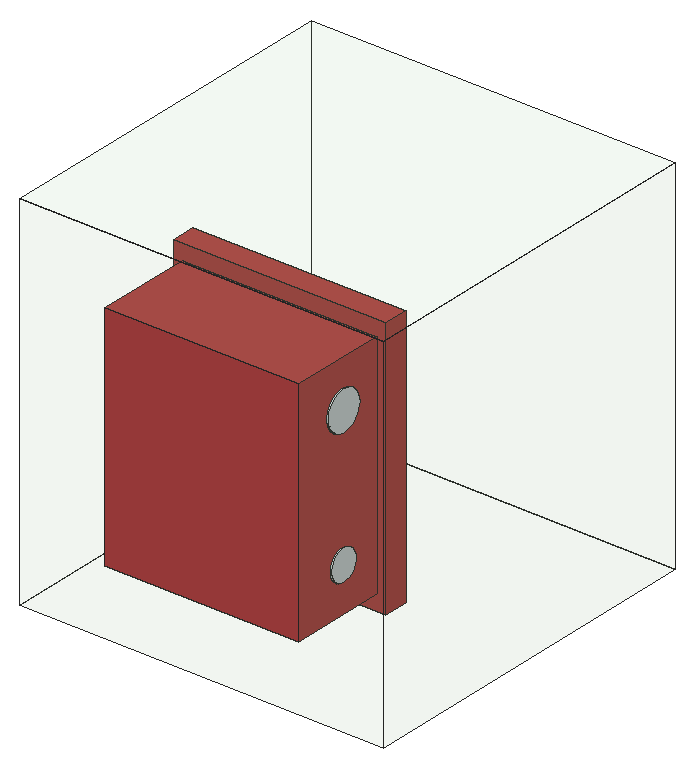
Revit family "ZETA_Коробка_Клемная_КЗНА_08_IP43", category Электрические приборы, Revit 2021
Family settings
  Сохранять ориентацию аннотаций = Нет
  Размер круглого соединителя = Использовать диаметр
  Тип детали = Нормальный
  На основе рабочей плоскости = Да
  Всегда вертикально = Нет
  При загрузке вырезать с полостями = Нет
  Общий = Нет
  Точка принадлежности помещению = Да
Parameters (values of type "КЗНА_08")
  УГО_Ширина = 10 mm
  УГО_Смещение_Х [instance] = 0 mm
  УГО_Смещение_Y [instance] = 0 mm
  УГО_Высота = 5 mm
  Температура эксплуатации = "от -40°С до +60°С"
  Сечение жил до = "4мм2"
  Сертификат = "RU C-RU.АД84.В.00192/20"
  Потолочное размещение [instance] = no
  Default Elevation = 1219.2 mm
  Описание = "Коробки клеммные с наборными зажимами КЗНА со ступенчатыми кабельными\r\nвводами ПВХ применяются для соединения и разветвления вторичных и силовых\r\nэлектрических цепей, выполняемых контрольными кабелями с числом жил до 52 и\r\nсиловыми кабелями с алюминиевыми или медными жилами сечением 1,5—4 мм2."
  Номинальный ток = "до 25A"
  Напряжение постоянного тока = "440 В"
  Напряжение переменного тока = "660 В"
  Крышка_Ширина = 160 mm
  Крышка_Длина = 190 mm
  Keynote = ""
  Климатическое исполнение = "У3"
  Изготовитель = "АО «ЗЭТА»"  # constant formula
  Изготавливается по = "ТУ 27.33.13.120-047-99856433-2020"
  URL = "https://nzeta.ru/"
  D2 = 32 mm
  D1 = 25 mm
  В_УГО_Смещение_У [instance] = УГО_Смещение_Y + 2000 mm  # 2000 mm
  В_УГО_Смещение_X [instance] = УГО_Смещение_Х + 2000 mm  # 2000 mm
  ADSK_Ток = 0 A
  ADSK_Степень защиты_IP = "IP43"
  ADSK_Размер_Ширина = 175 mm
  ADSK_Размер_УголПоворота [instance] = if(Потолочное размещение, -90.00°, 180.00°)  # 180.00°
  ADSK_Размер_Длина = 215 mm
  ADSK_Размер_Высота = 100 mm
  ADSK_Примечание [instance] = ""
  ADSK_Полная мощность = 0 VA
  ADSK_Позиция [instance] = ""
  ADSK_Обозначение = "KK"
  ADSK_Номинальная мощность = 0 W
  ADSK_Номер стояка = ""
  ADSK_Номер линии = 0
  ADSK_Напряжение = 230 V
  ADSK_Наименование краткое = "КЗНА-08"
  ADSK_Наименование = "Коробка с зажимами наборными КЗНА-08 У3 IP43 ГОФРОМАТИК"
  ADSK_Материал наименование = "Сталь оцинкованная"
  ADSK_Масса_Текст = "1,45"
  ADSK_Масса = 1.45
  ADSK_Марка = "KK КЗНА-08 У3 IP43"
  ADSK_Коэффициент мощности = 1
  ADSK_Количество фаз числовое = 1
  ADSK_Количество фаз = 1
  ADSK_Количество = 1
  ADSK_Код изделия = "zeta30331"
  ADSK_Классификация нагрузок = Прочее
  ADSK_Завод-изготовитель = "АО «ЗЭТА»"  # constant formula
  ADSK_Единица измерения = "шт"  # constant formula
  ADSK_Версия семейства = "v.1"  # constant formula
  ADSK_Версия Revit = "2021"
  ADSK_URL страницы изделия = "https://nzeta.ru/catalog/?q=zeta30331"
  ADSK_URL документации изделия = "https://nzeta.ru/upload/uf/81f/pgd895u30djnk8jid18z3ss63n7kommp/passport.pdf"
Types (2): name
  КЗНА_08
  КЗНА_08_IP43
Reference planes
  plane 1 "По центру (Вперед/Назад)": y = 0
  plane 2: z = 0
  plane 3 "По центру (Влево/Вправо)": x = 0
  plane 4: x = -2000
  plane 5: y = -2000
  plane 6: x = 0
  plane 7: y = 0
Lines and regions (mm)
  reference lines
    curve 1: line (0, 0, 0) -> (0, 0, -180)
    curve 2: line (0, 0, 0) -> (0, 140, 0)
Dimensions and locks
  "В_УГО_Смещение_X": plane 4 to plane 6
  "В_УГО_Смещение_У": plane 7 to plane 5
  angle curve 2 to curve 1 = 90.00°
  "ADSK_Размер_УголПоворота": angle plane 1 "По центру (Вперед/Назад)" to curve 1
  aligned and locked: level to plane 2
  aligned and locked: plane 6 to nested 1
  aligned and locked: nested 1 to plane 7
  aligned and locked: plane 2 to curve 2
  aligned and locked: plane 1 "По центру (Вперед/Назад)" to curve 1
  aligned and locked: nested 2 to curve 2
Nested families
  nested 1: "УГО_Клеменная_Коробка_(GenAnn)" at (0, 0, 0), УГО_Высота <- "УГО_Высота", УГО_Длина <- "УГО_Ширина", ADSK_Обозначение <- "ADSK_Обозначение", ADSK_Степень защиты_IP <- "ADSK_Степень защиты_IP", type "УГО_Клеменная_Коробка_(GenAnn)", detail levels coarse+medium
    with УГО_Длина 10 mm, УГО_Высота 5 mm, ADSK_Степень защиты_IP "IP43", ADSK_Обозначение "KK"
  nested 2: "ZETA_Коробка_Клемная_КЗНА-08_IP43_Геометрия" at (0, 0, 0) x (0, 0, -1) z (0, 1, 0), type "КЗНА-08", detail levels medium+fine
  nested 3: "Zeta_Зона обслуживания" at (0, 150, -149.094) x (1, 0, 0) z (0, -1, 0), type "Зона обслуживания_Куб", detail levels medium+fine
    with Зона обслуживания_Ширина 300 mm, Зона обслуживания_Длина 300 mm, Зона обслуживания_Высота 300 mm
Connectors
  cabletrayconduit at (-81.999, 43.588, 50), diameter 25, driven by "D1"
    settings: on nested 2, index 2, connector width 300 mm, connector height 300 mm, connector angle 0.00°, system type 32, placement type 0, profile type 0, connector reference index -1, is primary connector yes, connector utility param no, connector description ""
  cabletrayconduit at (-81.999, 43.588, 0), diameter 25, driven by "D1"
    settings: on nested 2, index 3, connector width 300 mm, connector height 300 mm, connector angle 0.00°, system type 32, placement type 0, profile type 0, connector reference index -1, is primary connector no, connector utility param no, connector description ""
  cabletrayconduit at (-81.999, 43.588, -50), diameter 25, driven by "D1"
    settings: on nested 2, index 4, connector width 300 mm, connector height 300 mm, connector angle 0.00°, system type 32, placement type 0, profile type 0, connector reference index -1, is primary connector no, connector utility param no, connector description ""
  electrical at (0, 0, 0), driven by "ADSK_Количество фаз", driven by "ADSK_Классификация нагрузок", driven by "ADSK_Напряжение", driven by "ADSK_Полная мощность", driven by "ADSK_Коэффициент мощности"
    settings: on nested 2, index 5, voltage 230 V, apparent load 0 VA, apparent load phase1 0 VA, apparent load phase2 0 VA, apparent load phase3 0 VA, power factor 1, load classification "Прочее", number of poles 1, system type 30, power factor state 1, is connector primary yes, connector utility no, sub classification motor no, connector description ""
  cabletrayconduit at (81.928, 43.588, 56.986), diameter 32, driven by "D2"
    settings: on nested 2, index 6, connector width 300 mm, connector height 300 mm, connector angle 0.00°, system type 32, placement type 0, profile type 0, connector reference index -1, is primary connector no, connector utility param no, connector description ""
  cabletrayconduit at (81.928, 43.588, -56.986), diameter 25, driven by "D1"
    settings: on nested 2, index 7, connector width 300 mm, connector height 300 mm, connector angle 0.00°, system type 32, placement type 0, profile type 0, connector reference index -1, is primary connector no, connector utility param no, connector description ""
Definition of nested family "ZETA_Коробка_Клемная_КЗНА-08_IP43_Геометрия"
  Parameters (values of type "КЗНА-08")
    Привязки_Штуцер = 100 mm
    Default Elevation = 1219.2 mm
    Основание_Ширина = ADSK_Размер_Ширина * 0.9142  # 159.985 mm
    Основание_Длина = ADSK_Размер_Длина * 0.8835  # 189.953 mm
    Manufacturer = "АО \"ЗЭТАРУС\""
    D2 = 32 mm
    D1 = 25 mm
    ADSK_Размер_Ширина = 175 mm
    ADSK_Размер_Длина = 215 mm
    ADSK_Размер_Высота = 100 mm
  Reference planes
    plane 1 "По центру (Вперед/Назад)": y = 0
    plane 2: z = 0
    plane 3 "По центру (Влево/Вправо)": x = 0
    plane 4: x = -94.976
    plane 5: x = 94.976
    plane 6: y = -79.992
    plane 7: y = 79.993
    plane 8: x = -107.5
    plane 9: y = -87.5
    plane 10: x = 107.5
    plane 11: y = 87.5
    plane 12: z = 100
    plane 13: z = 79.822
    plane 14: y = -57.269
    plane 15: y = 57.269
    plane 16: z = 43.588
    plane 17: y = -81.999
    plane 18: y = 81.928
    plane 19: x = -50
    plane 20: x = 50
    plane 21: x = -56.986
    plane 22: x = 56.986
  Forms (mm)
    Extrusion 1, solid
      sketch origin (0, 0, 0) x (1, 0, 0) y (0, 1, 0)
        loop
          line (-94.976, 79.993) -> (-94.976, -79.992) -> (94.976, -79.992) -> (94.976, 79.993) -> (-94.976, 79.993)
      from 0 to 79.822
    Extrusion 2, solid
      sketch origin (0, 0, 0) x (1, 0, 0) y (0, 1, 0)
        loop
          line (-107.5, 87.5) -> (-107.5, -87.5) -> (107.5, -87.5) -> (107.5, 87.5) -> (-107.5, 87.5)
      from 100 to 79.822
    Extrusion 3, solid
      sketch origin (0, 0, 0) x (1, 0, 0) y (0, 0, 1)
        loop
          circle (-50, 43.588) r 12.5
      from 79.992 to 81.999
    Extrusion 4, solid
      sketch origin (43.5, 0, 0) x (1, 0, 0) y (0, 0, 1)
        loop
          circle (-43.5, 43.588) r 12.5
      from 81.999 to 79.992
    Extrusion 5, solid
      sketch origin (117, 0, 0) x (1, 0, 0) y (0, 0, 1)
        loop
          circle (-67, 43.588) r 12.5
      from 81.999 to 79.992
    Extrusion 6, solid
      sketch origin (204.642, 167.006, 14.478) x (1, 0, 0) y (0, 0, 1)
        loop
          circle (-147.656, 29.11) r 12.5
      from 85.079 to 87.014
    Extrusion 7, solid
      sketch origin (-94.976, 79.993, 0) x (1, 0, 0) y (0, 0, -1)
        loop
          circle (37.99, -43.588) r 16
      from 0 to 1.935
  Dimensions and locks
    equal spacing: plane 4, plane 3 "По центру (Влево/Вправо)", plane 5
    equal spacing: plane 7, plane 1 "По центру (Вперед/Назад)", plane 6
    "Основание_Ширина": plane 7 to plane 6
    "Основание_Длина": plane 4 to plane 5
    equal spacing: plane 11, plane 1 "По центру (Вперед/Назад)", plane 9
    equal spacing: plane 8, plane 3 "По центру (Влево/Вправо)", plane 10
    "ADSK_Размер_Ширина": plane 11 to plane 9
    "ADSK_Размер_Длина": plane 8 to plane 10
    "ADSK_Размер_Высота": plane 12 to level
    locked: plane 6 to plane 17 at 2.006
    locked: plane 18 to plane 7 at 1.935
    equal spacing: plane 19, plane 3 "По центру (Влево/Вправо)", plane 20
    "Привязки_Штуцер": plane 19 to plane 20
    equal spacing: plane 21, plane 3 "По центру (Влево/Вправо)", plane 22
    "D1": diameter of Extrusion 3 sketch curve
    "D1": diameter of Extrusion 4 sketch curve
    "D1": diameter of Extrusion 5 sketch curve
    "D1": diameter of Extrusion 6 sketch curve
    "D2": diameter of Extrusion 7 sketch curve
    aligned and locked: level to plane 2
    aligned and locked: Extrusion 1 sketch curve to plane 7
    aligned and locked: plane 4 to Extrusion 1 sketch curve
    aligned and locked: plane 6 to Extrusion 1 sketch curve
    aligned and locked: Extrusion 1 sketch curve to plane 5
    aligned and locked: Extrusion 2 sketch curve to plane 11
    aligned and locked: plane 8 to Extrusion 2 sketch curve
    aligned and locked: plane 9 to Extrusion 2 sketch curve
    aligned and locked: Extrusion 2 sketch curve to plane 10
    aligned and locked: Extrusion 2 to plane 13
    aligned and locked: Extrusion 1 to Extrusion 2
    aligned and locked: plane 16 to Extrusion 3 sketch curve
    aligned and locked: plane 6 to Extrusion 3
    aligned and locked: Extrusion 3 to plane 17
    aligned and locked: Extrusion 4 to Extrusion 1
    aligned and locked: Extrusion 4 to plane 17
    aligned and locked: Extrusion 5 to Extrusion 1
    aligned and locked: Extrusion 5 to plane 17
    aligned and locked: plane 19 to Extrusion 3 sketch curve
    aligned and locked: plane 20 to Extrusion 5 sketch curve
    aligned and locked: plane 16 to Extrusion 5 sketch curve
    aligned and locked: plane 18 to Extrusion 7
  Automatic sketch dimensions
    Extrusion 4 sketch curve to plane 3 "По центру (Влево/Вправо)" = 0 mm
    Extrusion 4 sketch curve to plane 16 = 0 mm
    Extrusion 6 sketch curve to plane 16 = 0 mm
    Extrusion 6 sketch curve to plane 22 = 0 mm
    Extrusion 7 sketch curve to Extrusion 1 = 37.99 mm
    Extrusion 1 to Extrusion 7 sketch curve = 36.234 mm
Definition of nested family "Zeta_Зона обслуживания"
  Parameters (values of type "Зона обслуживания_Куб")
    Default Elevation = 1219.2 mm
    Зона обслуживания_Ширина [instance] = 300 mm
    Зона обслуживания_Длина [instance] = 300 mm
    Зона обслуживания_Высота [instance] = 300 mm
  Reference planes
    plane 1 "По центру (Вперед/Назад)": y = 0
    plane 2: z = 0
    plane 3 "По центру (Влево/Вправо)": x = 0
    plane 4: x = -150
    plane 5: x = 150
    plane 6: y = 300
    plane 7: z = 150
    plane 8: z = -150
  Forms (mm)
    Extrusion 1, solid
      sketch origin (0, 0, 0) x (1, 0, 0) y (0, 1, 0)
        loop
          line (-150, 300) -> (-150, 0) -> (150, 0) -> (150, 300) -> (-150, 300)
      from -150 to 150
  Dimensions and locks
    equal spacing: plane 4, plane 3 "По центру (Влево/Вправо)", plane 5
    "Зона обслуживания_Ширина": plane 6 to plane 1 "По центру (Вперед/Назад)"
    "Зона обслуживания_Длина": plane 4 to plane 5
    equal spacing: plane 7, level, plane 8
    "Зона обслуживания_Высота": plane 7 to plane 8
    aligned and locked: level to plane 2
    aligned and locked: Extrusion 1 sketch curve to plane 6
    aligned and locked: plane 4 to Extrusion 1 sketch curve
    aligned and locked: Extrusion 1 sketch curve to plane 5
    aligned and locked: Extrusion 1 to plane 8
    aligned and locked: plane 7 to Extrusion 1
    aligned and locked: plane 1 "По центру (Вперед/Назад)" to Extrusion 1
  Automatic sketch dimensions
    plane 1 "По центру (Вперед/Назад)" to Extrusion 1 sketch curve = 0 mm
Definition of nested family "УГО_Клеменная_Коробка_(GenAnn)"
  Parameters (values of type "УГО_Клеменная_Коробка_(GenAnn)")
    УГО_Длина [instance] = 10 mm
    УГО_Высота [instance] = 5 mm
    ADSK_Степень защиты_IP [instance] = ""
    ADSK_Обозначение [instance] = ""
  Reference planes
    plane 1: y = 0
    plane 2: x = 0
  Lines and regions (mm)
    Filled region 1, type "Filled region 1"
      outline origin (0, 0, 0) x (1, 0, 0) y (0, 1, 0)
        loop
          line (-5, 2.5) -> (-5, -2.5) -> (5, -2.5) -> (5, 2.5) -> (-5, 2.5)
    reference lines
      curve 1: line (-5, 2.5, 0) -> (-5, -2.5, 0)
      curve 2: line (-5, -2.5, 0) -> (5, -2.5, 0)
      curve 3: line (5, 2.5, 0) -> (5, -2.5, 0)
      curve 4: line (-5, 2.5, 0) -> (5, 2.5, 0)
  Text (mm)
    label "KK IP 54" at (0.033, -0.03, 0), shows "ADSK_Обозначение", "ADSK_Степень защиты_IP"
  Dimensions and locks
    equal spacing: curve 1, plane 2, curve 3
    equal spacing: curve 2, plane 1, curve 4
    "УГО_Длина": curve 1 to curve 3
    "УГО_Высота": curve 2 to curve 4
    aligned and locked: Filled region 1 sketch curve to curve 4
    aligned and locked: Filled region 1 sketch curve to curve 1
    aligned and locked: Filled region 1 sketch curve to curve 2
    aligned and locked: Filled region 1 sketch curve to curve 3
